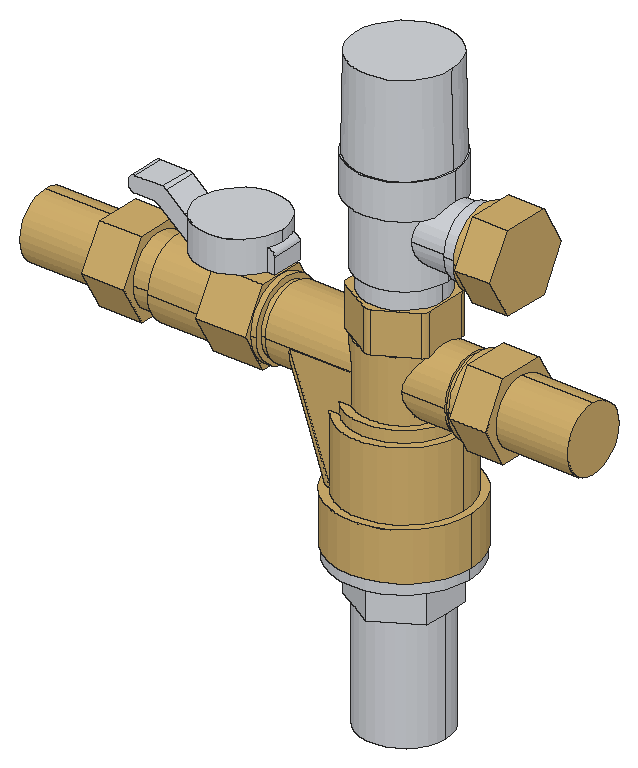
Revit family
Parameters (values of type "KHN3.224")
  URL = "http://www.autospec.co.za/browse.php?id=1644179288"
  Radius of Pipe = Diameter of Pipe / 2  # 11 mm
  Product Code = "KHN3.224"
  Pressure Rating = 400 kPa
  OmniClass Title = ""
  OmniClass Number = ""
  Modspec Classification = ""
  Specification = ""
  Male Connection Radius = Male Connection Diameter / 2  # 10 mm
  Male Connection Diameter = 20 mm
  Location (revit room) = ""
  Model = "Pressure Control Multi Valve With Male Connection KHN3.224"
  Manufacturer = "Kwikot"  # constant formula
  Material = DZR Brass
  Diameter of Pipe = 22 mm
  Colour = none
  Body Finish = none
  Assembly Code = "D2090800"
Reference planes
  plane 1 "Center (Front/Back)": y = 0
  plane 2: z = 0
  plane 3 "Center (Left/Right)": x = 0
  plane 4: z = -100
  plane 5: z = 88
  plane 6: z = -65
  plane 7: x = 13
  plane 8: x = -13
  plane 9: z = -49.4
  plane 10: z = -34.4
  plane 11: z = -52.865
  plane 12: z = -12.9
  plane 13: z = -9.4
  plane 14: z = 9.6
  plane 15: z = 22.1
  plane 16: z = 28.1
  plane 17: z = 49
  plane 18: z = 60
  plane 19: x = 21.5
  plane 20: x = -34.5
  plane 21: x = 36.5
  plane 22: x = -54
  plane 23: x = 23.5
  plane 24: x = 25.5
  plane 25: x = -36.5
  plane 26: x = -38.5
  plane 27: z = 42
  plane 28: x = 38
  plane 29: x = 27
  plane 30: x = -70.5
  plane 31: x = -76.5
  plane 32: x = -89.5
  plane 33: x = -51
  plane 34: x = -26.5
Forms (mm)
  Extrusion 1, solid, detail levels fine
    sketch origin (-440, -1524, -100) x (-1, 0, 0) y (0, -1, 0)
      loop
        circle (-440, -1524) r 13
    from 0 to 35
  Extrusion 2, solid, detail levels fine
    sketch origin (-440, -1524, -65) x (-1, 0, 0) y (0, -1, 0)
      loop
        line (-453, -1531.506) -> (-440, -1539.011) -> (-427, -1531.506) -> (-427, -1516.494) -> (-440, -1508.989) -> (-453, -1516.494) -> (-453, -1531.506)
    from 0 to 12.135
  Extrusion 3, solid, detail levels fine
    sketch origin (-20.969, -1524, -52.865) x (-1, 0, 0) y (0, -1, 0)
      loop
        circle (-20.969, -1524) r 20.5
    from 0 to 3.465
  Extrusion 4, solid, material "DZR Brass" <- "Material", detail levels fine
    sketch origin (-165.612, -1524, -49.4) x (-1, 0, 0) y (0, -1, 0)
      loop
        circle (-165.612, -1524) r 21
    from 0 to 15
  Extrusion 5, solid, material "DZR Brass" <- "Material", detail levels fine
    sketch origin (0, 0, 0) x (0, 1, 0) y (0, 0, 1)
      loop
        circle (0, 0) r 11
    from 21.5 to -34.5
  Extrusion 6, solid, material "DZR Brass" <- "Material", detail levels fine
    sketch origin (-165.612, -1524, -34.4) x (-1, 0, 0) y (0, -1, 0)
      loop
        circle (-165.612, -1524) r 18.5
    from 0 to 21.5
  Extrusion 7, solid, material "DZR Brass" <- "Material", detail levels fine
    sketch origin (-60.699, -1524, -12.9) x (-1, 0, 0) y (0, -1, 0)
      loop
        circle (-60.699, -1524) r 16
    from 0 to 3.5
  Extrusion 8, solid, material "DZR Brass" <- "Material", detail levels fine
    sketch origin (-60.699, -1524, -9.4) x (-1, 0, 0) y (0, -1, 0)
      loop
        circle (-60.699, -1524) r 13.5
    from 0 to 19
  Blend 9, solid, material "DZR Brass" <- "Material", detail levels fine
    base sketch origin (-60.699, -1524, -9.4) x (-1, 0, 0) y (0, -1, 0)
      loop
        arc (-33.817, -1535) -> (-31.165, -1533.403) -> (-31.338, -1530.311) r 3
        arc (-31.338, -1530.311) -> (-29.942, -1523.999) -> (-31.332, -1517.686) r 15
        arc (-31.332, -1517.686) -> (-31.163, -1514.596) -> (-33.814, -1513) r 3
        line (-33.814, -1513) -> (-55.873, -1513) -> (-55.873, -1535) -> (-33.817, -1535)
    top sketch origin (-60.699, -1524, -9.4) x (-1, 0, 0) y (0, -1, 0)
      loop
        line (-55.873, -1535) -> (-46.266, -1535)
        arc (-46.266, -1535) -> (-44.698, -1534.558) -> (-43.592, -1533.361) r 3
        arc (-43.592, -1533.361) -> (-41.199, -1524) -> (-43.592, -1514.639) r 19.5
        arc (-43.592, -1514.639) -> (-44.698, -1513.442) -> (-46.266, -1513) r 3
        line (-46.266, -1513) -> (-55.873, -1513) -> (-55.873, -1535)
    from 9.4 to -25.5
  Extrusion 10, solid, material "DZR Brass" <- "Material", detail levels fine
    sketch origin (-60.699, -1524, 9.6) x (-1, 0, 0) y (0, -1, 0)
      loop
        line (-72.699, -1532.083) -> (-61.699, -1538.434)
        arc (-61.699, -1538.434) -> (-60.699, -1538.702) -> (-59.699, -1538.434) r 2
        line (-59.699, -1538.434) -> (-48.699, -1532.083)
        arc (-48.699, -1532.083) -> (-47.967, -1531.351) -> (-47.699, -1530.351) r 2
        line (-47.699, -1530.351) -> (-47.699, -1517.649)
        arc (-47.699, -1517.649) -> (-47.967, -1516.649) -> (-48.699, -1515.917) r 2
        line (-48.699, -1515.917) -> (-59.699, -1509.566)
        arc (-59.699, -1509.566) -> (-60.699, -1509.298) -> (-61.699, -1509.566) r 2
        line (-61.699, -1509.566) -> (-72.699, -1515.917)
        arc (-72.699, -1515.917) -> (-73.431, -1516.649) -> (-73.699, -1517.649) r 2
        line (-73.699, -1517.649) -> (-73.699, -1530.351)
        arc (-73.699, -1530.351) -> (-73.431, -1531.351) -> (-72.699, -1532.083) r 2
    from 0 to 12.5
  Extrusion 11, solid, detail levels fine
    sketch origin (-60.699, -1524, 22.1) x (-1, 0, 0) y (0, -1, 0)
      loop
        circle (-60.699, -1524) r 12.2
    from 0 to 6
  Extrusion 12, solid, detail levels fine
    sketch origin (-60.699, -1524, 28.1) x (-1, 0, 0) y (0, -1, 0)
      loop
        circle (-60.699, -1524) r 13.5
    from 0 to 20.9
  Extrusion 13, solid, detail levels fine
    sketch origin (-60.699, -1524, 49) x (-1, 0, 0) y (0, -1, 0)
      loop
        circle (-60.699, -1524) r 16
    from 0 to 11
  Blend 14, solid, detail levels fine
    base sketch origin (-60.699, -1524, 60) x (-1, 0, 0) y (0, -1, 0)
      loop
        circle (-60.699, -1524) r 15.5
    top sketch origin (-60.699, -1524, 60) x (-1, 0, 0) y (0, -1, 0)
      loop
        circle (-60.699, -1524) r 15
    from 0 to 28
  Extrusion 15, solid, material "DZR Brass" <- "Material", detail levels fine
    sketch origin (21.5, -1524, -21.263) x (0, 0, -1) y (0, -1, 0)
      loop
        circle (-21.263, -1524) r 10.5
    from 0 to -2
  Extrusion 16, solid, material "DZR Brass" <- "Material", detail levels fine
    sketch origin (-34.5, -1524, -21.263) x (0, 0, -1) y (0, -1, 0)
      loop
        circle (-21.263, -1524) r 10.5
    from 0 to 2
  Extrusion 17, solid, material "DZR Brass" <- "Material", detail levels fine
    sketch origin (21.5, -1524, -21.263) x (0, 0, -1) y (0, -1, 0)
      loop
        circle (-21.263, -1524) r 12
    from -2 to -4
  Extrusion 18, solid, material "DZR Brass" <- "Material", detail levels fine
    sketch origin (-34.5, -1524, -21.263) x (0, 0, -1) y (0, -1, 0)
      loop
        circle (-21.263, -1524) r 12
    from 2 to 4
  Extrusion 19, solid, material "DZR Brass" <- "Material", detail levels fine
    sketch origin (25.5, -1524, -21.263) x (0, 0, -1) y (0, -1, 0)
      loop
        line (-9.263, -1517.072) -> (-21.263, -1510.144) -> (-33.263, -1517.072) -> (-33.263, -1530.928) -> (-21.263, -1537.856) -> (-9.263, -1530.928) -> (-9.263, -1517.072)
    from 0 to -11
  Extrusion 20, solid, material "DZR Brass" <- "Material", detail levels fine
    sketch origin (-38.5, -1524, -21.263) x (0, 0, -1) y (0, -1, 0)
      loop
        line (-33.263, -1517.072) -> (-33.263, -1530.928) -> (-21.263, -1537.856) -> (-9.263, -1530.928) -> (-9.263, -1517.072) -> (-21.263, -1510.144) -> (-33.263, -1517.072)
    from 0 to 15.5
  Extrusion 21, solid, detail levels fine
    sketch origin (0, 0, 0) x (0, 1, 0) y (0, 0, 1)
      loop
        circle (0, 42) r 9.5
    from 0 to 20.8
  Extrusion 22, solid, detail levels fine
    sketch origin (0, 0, 0) x (0, 1, 0) y (0, 0, 1)
      loop
        circle (0, 42) r 10.45
    from 20.8 to 25
  Extrusion 23, solid, material "DZR Brass" <- "Material", detail levels fine
    sketch origin (0, 0, 0) x (0, 1, 0) y (0, 0, 1)
      loop
        circle (0, 42) r 12
    from 25 to 27
  Extrusion 24, solid, material "DZR Brass" <- "Material", detail levels fine
    sketch origin (38, -1524, 66.867) x (0, 0, 1) y (0, -1, 0)
      loop
        line (-12.867, -1517.072) -> (-24.867, -1510.144) -> (-36.867, -1517.072) -> (-36.867, -1530.928) -> (-24.867, -1537.856) -> (-12.867, -1530.928) -> (-12.867, -1517.072)
    from 0 to -11
  Extrusion 25, solid, material "DZR Brass" <- "Material", detail levels fine
    sketch origin (-54, -1524, -24.693) x (0, 0, -1) y (0, -1, 0)
      loop
        circle (-24.693, -1524) r 12
    from 0 to 16.5
  Extrusion 26, solid, material "DZR Brass" <- "Material", detail levels fine
    sketch origin (-70.5, -1524, -24.693) x (0, 0, -1) y (0, -1, 0)
      loop
        circle (-24.693, -1524) r 10.5
    from 0 to 6
  Extrusion 27, solid, material "DZR Brass" <- "Material", detail levels fine
    sketch origin (-76.5, -1524, -152.224) x (0, 0, -1) y (0, -1, 0)
      loop
        line (-164.224, -1530.928) -> (-152.224, -1537.856) -> (-140.224, -1530.928) -> (-140.224, -1517.072) -> (-152.224, -1510.144) -> (-164.224, -1517.072) -> (-164.224, -1530.928)
    from 0 to 13
  Extrusion 28, solid, material "DZR Brass", detail levels fine
    sketch origin (0, 0, 0) x (1, 0, 0) y (0, 1, 0)
      loop
        circle (-51, 0) r 8.25
    from 12 to 14.461
  Extrusion 29, solid, detail levels fine
    sketch origin (0, 0, 0) x (1, 0, 0) y (0, 1, 0)
      loop
        circle (-51, 0) r 13
    from 14.461 to 24.5
  Extrusion 30, solid, detail levels fine
    sketch origin (0, 0, 0) x (1, 0, 0) y (0, 0, 1)
      loop
        line (-38.5, 21.385) -> (-63.155, 21.385)
        arc (-63.155, 21.385) -> (-63.841, 21.506) -> (-64.443, 21.855) r 2
        line (-64.443, 21.855) -> (-70.117, 26.63)
        arc (-70.117, 26.63) -> (-70.719, 26.979) -> (-71.405, 27.1) r 2
        line (-71.405, 27.1) -> (-80.111, 27.1)
        arc (-80.111, 27.1) -> (-81.525, 26.514) -> (-82.111, 25.1) r 2
        line (-82.111, 25.1) -> (-82.111, 24.1)
        arc (-82.111, 24.1) -> (-81.525, 22.686) -> (-80.111, 22.1) r 2
        line (-80.111, 22.1) -> (-73.806, 22.1)
        arc (-73.806, 22.1) -> (-73.12, 21.979) -> (-72.518, 21.63) r 2
        line (-72.518, 21.63) -> (-64, 14.461) -> (-36.5, 14.461) -> (-36.5, 19.385)
        arc (-36.5, 19.385) -> (-37.086, 20.799) -> (-38.5, 21.385) r 2
    from -5 to 5
  Extrusion 31, solid, material "DZR Brass" <- "Material", detail levels fine
    sketch origin (36.5, -1524, -21.263) x (0, 0, -1) y (0, -1, 0)
      loop
        circle (-21.263, -1524) r 10
    from 0 to -22.5
  Extrusion 32, solid, material "DZR Brass" <- "Material", detail levels fine
    sketch origin (-89.5, -1524, -152.224) x (0, 0, -1) y (0, -1, 0)
      loop
        circle (-152.224, -1524) r 10
    from 0 to 22.5
Cuts and joins
  joined: Extrusion 11, Extrusion 12, Extrusion 13, Blend 14, Extrusion 21, Extrusion 22
  joined: Extrusion 1, Extrusion 2, Extrusion 3
  joined: Extrusion 5, Extrusion 10, Extrusion 15, Extrusion 16, Extrusion 17, Extrusion 18, Extrusion 19, Extrusion 20, Extrusion 25, Extrusion 26, Extrusion 27, Extrusion 31, Extrusion 32
  joined: Extrusion 4, Extrusion 6, Extrusion 7, Extrusion 8, Blend 9
  joined: Extrusion 23, Extrusion 24
Lines and regions (mm)
  model lines
    curve 1: line (-26.5, 0, 0) -> (-26.5, 40, 0)
    curve 2: line (-41.5, 40, 0) -> (-11.5, 40, 0)
    curve 3: line (-112, 0, 0) -> (-70.5, 0, 0)
    curve 4: line (59, 0, 0) -> (17.5, 0, 0)
    curve 5: arc (-41.5, 40, 0) -> (-26.5, 46.771, 0) -> (-11.5, 40, 0) r 20
    curve 6: line (-70.5, -13.856, 0) -> (-70.5, 13.856, 0)
    curve 7: line (-70.5, 13.856, 0) -> (17.5, -13.856, 0)
    curve 8: line (-70.5, -13.856, 0) -> (17.5, 13.856, 0)
    curve 9: line (17.5, 13.856, 0) -> (17.5, -13.856, 0)
    curve 10: line (-26.5, 46.771, 0) -> (-26.5, 61.771, 0)
    curve 11: line (-26.5, 61.771, 0) -> (31.103, 61.771, 0)
    curve 12: line (31.103, 61.771, 0) -> (31.103, 0, 0)
Dimensions and locks
  level to plane 4 = 100 mm
  plane 6 to plane 4 = 35 mm
  plane 8 to plane 7 = 26 mm
  plane 3 "Center (Left/Right)" to plane 19 = 21.5 mm
  plane 20 to plane 19 = 56 mm
  plane 3 "Center (Left/Right)" to plane 21 = 36.5 mm
  plane 22 to plane 3 "Center (Left/Right)" = 54 mm
  plane 27 to plane 2 = 42 mm
  plane 28 to plane 3 "Center (Left/Right)" = 38 mm
  plane 28 to plane 29 = 11 mm
  plane 29 to plane 3 "Center (Left/Right)" = 27 mm
  plane 5 to level = 88 mm
  plane 3 "Center (Left/Right)" to plane 33 = 51 mm
  equal spacing: Blend 9 sketch curve, plane 1 "Center (Front/Back)", Blend 9 sketch curve
  "Radius of Pipe": plane 1 "Center (Front/Back)" to Blend 9 sketch curve
  plane 20 to Blend 9 sketch curve = 3.743 mm
  plane 20 to Blend 9 sketch curve = 15 mm
  radius of Extrusion 1 sketch curve = 13 mm
  "Radius of Pipe": radius of Extrusion 5 sketch curve
  radius of Extrusion 21 sketch curve = 9.5 mm
  radius of Extrusion 23 sketch curve = 12 mm
  radius of Extrusion 22 sketch curve = 10.45 mm
  radius of Extrusion 28 sketch curve = 8.25 mm
  radius of Blend 9 sketch curve = 15 mm
  radius of Blend 9 sketch curve = 3 mm  (x4)
  radius of Blend 9 sketch curve = 19.5 mm
  "Male Connection Radius": radius of Extrusion 31 sketch curve
  aligned and locked: level to plane 2
  aligned and locked: plane 6 to Extrusion 1
  aligned and locked: Extrusion 1 to plane 4
  aligned and locked: plane 11 to Extrusion 2
  aligned and locked: Extrusion 2 to plane 6
  aligned and locked: plane 9 to Extrusion 3
  aligned and locked: Extrusion 3 to Extrusion 2
  aligned and locked: plane 10 to Extrusion 4
  aligned and locked: Extrusion 4 to plane 9
  aligned and locked: plane 12 to Extrusion 6
  aligned and locked: Extrusion 6 to plane 10
  aligned and locked: plane 13 to Extrusion 7
  aligned and locked: Extrusion 7 to plane 12
  aligned and locked: plane 14 to Extrusion 8
  aligned and locked: Extrusion 8 to Extrusion 7
  aligned and locked: plane 15 to Extrusion 10
  aligned and locked: Extrusion 10 to Extrusion 8
  aligned and locked: plane 16 to Extrusion 11
  aligned and locked: Extrusion 11 to plane 15
  aligned and locked: plane 17 to Extrusion 12
  aligned and locked: Extrusion 12 to plane 16
  aligned and locked: plane 18 to Extrusion 13
  aligned and locked: Extrusion 13 to plane 17
  aligned and locked: plane 5 to Blend 14
  aligned and locked: Blend 14 to plane 18
  aligned and locked: plane 20 to Extrusion 5
  aligned and locked: Extrusion 5 to plane 19
  aligned: Extrusion 16 sketch curve to Extrusion 15
  aligned and locked: Extrusion 16 sketch curve to Extrusion 15
  aligned and locked: Extrusion 17 to Extrusion 15
  aligned: Extrusion 18 sketch curve to Extrusion 17
  aligned and locked: Extrusion 18 sketch curve to Extrusion 17
  aligned and locked: Extrusion 15 to plane 23
  aligned and locked: plane 23 to Extrusion 17
  aligned and locked: Extrusion 17 to plane 24
  aligned and locked: plane 25 to Extrusion 16
  aligned and locked: Extrusion 18 to Extrusion 16
  aligned and locked: plane 26 to Extrusion 18
  aligned and locked: Extrusion 19 to Extrusion 17
  aligned and locked: Extrusion 19 to plane 21
  aligned and locked: plane 22 to Extrusion 20
  aligned and locked: Extrusion 20 to Extrusion 18
  aligned and locked: plane 1 "Center (Front/Back)" to Extrusion 21 sketch curve
  aligned and locked: plane 27 to Extrusion 21 sketch curve
  aligned and locked: plane 27 to Extrusion 22 sketch curve
  aligned and locked: plane 1 "Center (Front/Back)" to Extrusion 22 sketch curve
  aligned and locked: plane 27 to Extrusion 23 sketch curve
  aligned and locked: plane 1 "Center (Front/Back)" to Extrusion 23 sketch curve
  aligned and locked: plane 29 to Extrusion 23
  aligned and locked: plane 28 to Extrusion 24
  aligned and locked: Extrusion 24 to plane 29
  aligned and locked: Extrusion 25 sketch curve to cut or joined group 1 (Extrusion 5, Extrusion 10, Extrusion 15, Extrusion 16, Extrusion 17, Extrusion 18, Extrusion 19, Extrusion 20, Extrusion 25, Extrusion 26, Extrusion 27, Extrusion 31, Extrusion 32)  (x2)
  aligned and locked: plane 30 to Extrusion 25
  aligned and locked: Extrusion 25 to plane 22
  aligned and locked: Extrusion 26 sketch curve to cut or joined group 1  (x2)
  aligned and locked: Extrusion 27 to plane 31
  aligned and locked: plane 32 to Extrusion 27
  aligned and locked: Extrusion 26 to plane 30
  aligned and locked: plane 31 to Extrusion 26
  aligned and locked: Extrusion 25 to Extrusion 26
  aligned and locked: Extrusion 25 to cut or joined group 1
  aligned and locked: plane 33 to Extrusion 28 sketch curve
  aligned and locked: plane 1 "Center (Front/Back)" to Extrusion 28 sketch curve
  aligned and locked: Extrusion 28 to cut or joined group 1
  aligned and locked: plane 33 to Extrusion 29 sketch curve
  aligned and locked: plane 1 "Center (Front/Back)" to Extrusion 29 sketch curve
  aligned and locked: Extrusion 29 to Extrusion 28
  aligned and locked: Extrusion 30 sketch curve to Extrusion 29
  aligned and locked: Blend 9 sketch curve to var sketch  (x2)
  aligned and locked: var sketch to Blend 9 sketch curve
  aligned and locked: level to Extrusion 31 sketch curve
  aligned and locked: plane 1 "Center (Front/Back)" to Extrusion 31 sketch curve
  aligned and locked: Extrusion 32 sketch curve to cut or joined group 1  (x2)
  aligned and locked: curve 3 to cut or joined group 1
  aligned and locked: curve 6 to plane 30
Automatic sketch dimensions
  plane 1 "Center (Front/Back)" to Extrusion 1 sketch curve = 0 mm
  Extrusion 1 sketch curve to plane 3 "Center (Left/Right)" = 0 mm
  Extrusion 2 sketch curve to plane 7 = 0 mm
  Extrusion 2 sketch curve to plane 3 "Center (Left/Right)" = 0 mm  (x2)
  Extrusion 2 sketch curve to plane 8 = 0 mm
  Extrusion 2 sketch curve to plane 1 "Center (Front/Back)" = 15.011 mm
  Extrusion 2 sketch curve to plane 1 "Center (Front/Back)" = 7.506 mm  (x2)
  plane 1 "Center (Front/Back)" to Extrusion 2 sketch curve = 7.506 mm  (x2)
  Extrusion 2 sketch curve to Extrusion 2 sketch curve = 7.506 mm
  plane 1 "Center (Front/Back)" to Extrusion 3 sketch curve = 0 mm
  Extrusion 3 sketch curve to plane 3 "Center (Left/Right)" = 0 mm
  plane 1 "Center (Front/Back)" to Extrusion 4 sketch curve = 0 mm
  Extrusion 4 sketch curve to plane 3 "Center (Left/Right)" = 0 mm
  Extrusion 5 sketch curve to level = 0 mm
  Extrusion 5 sketch curve to plane 1 "Center (Front/Back)" = 0 mm
  plane 1 "Center (Front/Back)" to Extrusion 6 sketch curve = 0 mm
  Extrusion 6 sketch curve to plane 3 "Center (Left/Right)" = 0 mm
  plane 1 "Center (Front/Back)" to Extrusion 7 sketch curve = 0 mm
  Extrusion 7 sketch curve to plane 3 "Center (Left/Right)" = 0 mm
  plane 1 "Center (Front/Back)" to Extrusion 8 sketch curve = 0 mm
  Extrusion 8 sketch curve to plane 3 "Center (Left/Right)" = 0 mm
  Extrusion 10 sketch curve to plane 7 = 0 mm
  Extrusion 10 sketch curve to plane 3 "Center (Left/Right)" = 0 mm  (x2)
  Extrusion 10 sketch curve to plane 8 = 0 mm
  plane 7 to Extrusion 10 sketch curve = 1 mm  (x2)
  Extrusion 10 sketch curve to Extrusion 10 sketch curve = 2 mm  (x2)
  plane 3 "Center (Left/Right)" to Extrusion 10 sketch curve = 1 mm  (x2)
  Extrusion 10 sketch curve to plane 3 "Center (Left/Right)" = 1 mm  (x2)
  Extrusion 10 sketch curve to plane 8 = 2 mm  (x2)
  Extrusion 10 sketch curve to plane 8 = 1 mm  (x2)
  Extrusion 10 sketch curve to plane 1 "Center (Front/Back)" = 14.434 mm
  Extrusion 10 sketch curve to Extrusion 10 sketch curve = 1.732 mm  (x2)
  Extrusion 10 sketch curve to plane 1 "Center (Front/Back)" = 8.083 mm  (x2)
  plane 1 "Center (Front/Back)" to Extrusion 10 sketch curve = 6.351 mm  (x2)
  Extrusion 10 sketch curve to Extrusion 10 sketch curve = 6.351 mm
  plane 1 "Center (Front/Back)" to Extrusion 11 sketch curve = 0 mm
  Extrusion 11 sketch curve to plane 3 "Center (Left/Right)" = 0 mm
  plane 1 "Center (Front/Back)" to Extrusion 12 sketch curve = 0 mm
  Extrusion 12 sketch curve to plane 3 "Center (Left/Right)" = 0 mm
  plane 1 "Center (Front/Back)" to Extrusion 13 sketch curve = 0 mm
  Extrusion 13 sketch curve to plane 3 "Center (Left/Right)" = 0 mm
  plane 1 "Center (Front/Back)" to Blend 14 sketch curve = 0 mm  (x2)
  Blend 14 sketch curve to plane 3 "Center (Left/Right)" = 0 mm  (x2)
  Extrusion 15 sketch curve to level = 0 mm
  Extrusion 15 sketch curve to plane 1 "Center (Front/Back)" = 0 mm
  Extrusion 17 sketch curve to level = 0 mm
  Extrusion 17 sketch curve to plane 1 "Center (Front/Back)" = 0 mm
  Extrusion 19 sketch curve to level = 0 mm  (x2)
  plane 14 to Extrusion 19 sketch curve = 2.4 mm
  plane 12 to Extrusion 19 sketch curve = 0.9 mm
  Extrusion 19 sketch curve to plane 1 "Center (Front/Back)" = 13.856 mm
  Extrusion 19 sketch curve to plane 1 "Center (Front/Back)" = 6.928 mm  (x2)
  plane 1 "Center (Front/Back)" to Extrusion 19 sketch curve = 6.928 mm  (x2)
  plane 1 "Center (Front/Back)" to Extrusion 19 sketch curve = 13.856 mm
  Extrusion 20 sketch curve to level = 0 mm  (x2)
  plane 14 to Extrusion 20 sketch curve = 2.4 mm
  plane 12 to Extrusion 20 sketch curve = 0.9 mm
  Extrusion 20 sketch curve to plane 1 "Center (Front/Back)" = 13.856 mm
  Extrusion 20 sketch curve to plane 1 "Center (Front/Back)" = 6.928 mm  (x2)
  plane 1 "Center (Front/Back)" to Extrusion 20 sketch curve = 6.928 mm  (x2)
  Extrusion 20 sketch curve to Extrusion 20 sketch curve = 6.928 mm
  Extrusion 30 sketch curve to plane 15 = 0 mm
  plane 26 to Extrusion 30 sketch curve = 0 mm
  plane 25 to Extrusion 30 sketch curve = 0 mm
  Extrusion 30 sketch curve to plane 15 = 0.715 mm
  Extrusion 30 sketch curve to plane 30 = 7.345 mm
  Extrusion 30 sketch curve to plane 30 = 6.5 mm
  Extrusion 30 sketch curve to plane 15 = 0.245 mm
  Extrusion 30 sketch curve to Extrusion 30 sketch curve = 1.288 mm  (x2)
  Extrusion 30 sketch curve to plane 30 = 0.383 mm
  plane 30 to Extrusion 30 sketch curve = 0.905 mm
  Extrusion 30 sketch curve to plane 15 = 0.47 mm
  plane 30 to Extrusion 30 sketch curve = 2.018 mm
  plane 31 to Extrusion 30 sketch curve = 3.611 mm  (x2)
  Extrusion 30 sketch curve to plane 16 = 1 mm
  Extrusion 30 sketch curve to Extrusion 30 sketch curve = 2 mm  (x2)
  Blend 9 sketch curve to plane 3 "Center (Left/Right)" = 4.825 mm
  plane 34 to Blend 9 sketch curve = 0.381 mm
  plane 34 to Blend 9 sketch curve = 0.385 mm
  plane 1 "Center (Front/Back)" to Blend 9 sketch curve = 0.007 mm
  plane 1 "Center (Front/Back)" to Blend 9 sketch curve = 0 mm
  Blend 9 sketch curve to Blend 9 sketch curve = 0 mm  (x2)
  curve 5 to plane 34 = 0 mm
  curve 11 to plane 34 = 0 mm
  curve 1 to plane 34 = 0 mm
  plane 1 "Center (Front/Back)" to curve 12 = 0 mm
  plane 1 "Center (Front/Back)" to curve 1 = 0 mm
  plane 32 to curve 3 = 22.5 mm
  plane 26 to curve 5 = 3 mm
  plane 19 to curve 9 = 4 mm
  plane 29 to curve 11 = 4.103 mm
  plane 28 to curve 4 = 21 mm
  curve 6 to curve 3 = 13.856 mm
  curve 7 to curve 4 = 13.856 mm
  curve 6 to plane 1 "Center (Front/Back)" = 13.856 mm
  curve 1 to curve 5 = 26.771 mm
  curve 5 to curve 2 = 13.229 mm
  curve 5 to curve 11 = 21.771 mm
  radius of Extrusion 3 sketch curve = 20.5 mm
  radius of Extrusion 4 sketch curve = 21 mm
  radius of Extrusion 6 sketch curve = 18.5 mm
  radius of Extrusion 7 sketch curve = 16 mm
  radius of Extrusion 8 sketch curve = 13.5 mm
  radius of Extrusion 11 sketch curve = 12.2 mm
  radius of Extrusion 12 sketch curve = 13.5 mm
  radius of Extrusion 13 sketch curve = 16 mm
  radius of Blend 14 sketch curve = 15.5 mm
  radius of Blend 14 sketch curve = 15 mm
  radius of Extrusion 15 sketch curve = 10.5 mm
  radius of Extrusion 17 sketch curve = 12 mm
  radius of Extrusion 29 sketch curve = 13 mm
Connectors
  piping at (59, 0, 0), driven by "Radius of Pipe"
    settings: on cut or joined group 1, index 1, connector radius 11 mm, flow factor 0, pipe flow 0.0 L/s, pressure drop 0 kPa, fitting loss kfactor 0, connector angle 0.00°, fixture units 0, flow configuration 0, flow direction 2, fitting loss method 0, system type 29, connector reference index 2, connector utility 0, adjustable connector yes, is connector primary no, fitting loss table "", connector description "Pipe Connector"
  piping at (-112, 0, 0), driven by "Radius of Pipe"
    settings: on cut or joined group 1, index 2, connector radius 11 mm, flow factor 0, pipe flow 0.0 L/s, pressure drop 0 kPa, fitting loss kfactor 0, connector angle 0.00°, fixture units 0, flow configuration 0, flow direction 1, fitting loss method 0, system type 29, connector reference index 1, connector utility 0, adjustable connector yes, is connector primary yes, fitting loss table "", connector description "Pipe Connector"
  piping at (38, 0, 42), driven by "Radius of Pipe"
    settings: on cut or joined group of Extrusion 23, Extrusion 24, index 3, connector radius 11 mm, flow factor 0, pipe flow 0.0 L/s, pressure drop 0 kPa, fitting loss kfactor 0, connector angle 0.00°, fixture units 0, flow configuration 0, flow direction 2, fitting loss method 0, system type 29, connector reference index -1, connector utility 0, adjustable connector yes, is connector primary no, fitting loss table "", connector description "Pipe Connector"
